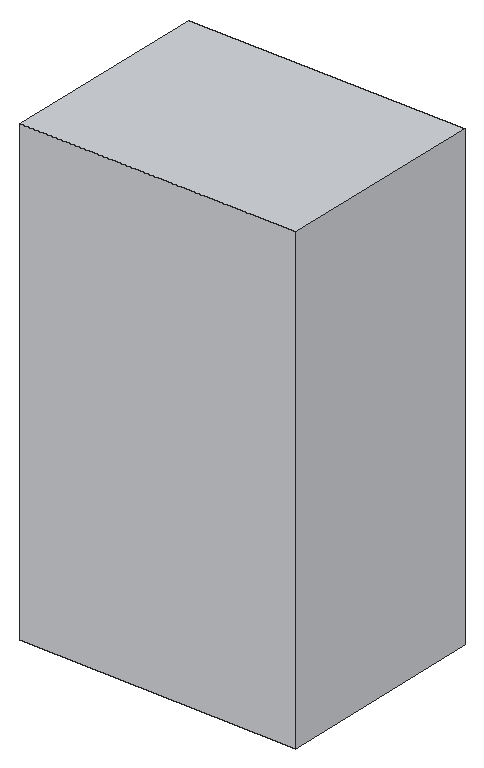
Revit family
Parameters
  Warranty Duration (Years) = 0
  Unit Width [instance] = 1' - 8 177/256"
  Unit Height [instance] = 0' - 9 99/256"
  Unit Depth = 0' - 0"
  URL = "http://www.americanspecialties.com/viewCategories.cfm"
  Trim Material = Metal - Stainless Steel
  Test Data = ""
  Specification = "http://www.arcat.com/sdspecs/htm/10810asi.htm"
  SpecWizard = ""
  Send Message = "http://www.arcat.com/users.pl?action=UserEmail&company=American%20Specialties,%20Inc.&coid=30448&rep=139&fax=914-476-0688&mf="
  Sales Information = "http://www.americanspecialties.com/contact"
  Revision = "R1_10-2010"
  Product Properties = "http://www.americanspecialties.com/datasheets/20364.pdf"
  Product Data = "http://www.arcat.com/arcatcos/cos30/arc30448.html"
  Model = "As Specified in 10 28 13"
  Manufacturer Website = "http://www.americanspecialties.com/viewCategories.cfm"
  Manufacturer Phone - Toll Free = ""
  Manufacturer Phone = "914-476-9000 "
  Manufacturer Fax = "914-476-0688"
  Manufacturer Address = "441 Saw Mill River Rd., Yonkers, NY 10701"
  Manufacturer = "American Specialties, Inc."
  Maintenance Schedule (Months) = 0
  Keynote = "10 28 13"
  Installation-Fabrication = "http://www.americanspecialties.com/products.cfm"
  Green Building-LEED = ""
  Expected Lifespan (Years) = 0
  Drawn By = "Robert S. Weygant. CSI, CDT, SCIP"  # constant formula
  Description = "Toilet Accessory as Specified in 10 28 13"
  Default Elevation = 4' - 0"
  Copyright = "©Arcat Inc."
  Construction Details = "http://www.arcat.com/green/clients/leed_data_30448.html"
  Building Codes = "http://www.americanspecialties.com/products.cfm"
  Body Material = Metal - Stainless Steel
  Assembly Code = "C1030210"
Reference planes
  plane 1 "Center (Front/Back)": y = -7.394
  plane 2 "Floor Line": z = 0
  plane 3 "Center (Left/Right)": x = -16.724
Forms (mm)
  Extrusion 1, solid
    sketch origin (-76.2, -228.6, -152.4) x (0, 0, -1) y (1, 0, 0)
      loop
        line (-2082.8, 660.4) -> (-2082.8, -491.417) -> (-152.4, -491.417) -> (-152.4, 660.4) -> (-2082.8, 660.4)
    from 228.6 to -650.423
  Sweep 2, solid, material "Metal - Stainless Steel" <- "Body Material"
    path origin (0, 0, 0) x (1, 0, 0) y (0, 1, 0)
      loop
        line (-86.574, 268.831) -> (-86.574, -7.394) -> (53.126, -7.394) -> (53.126, 268.831) -> (-86.574, 268.831)
    profile origin (-16.724, 268.831, 0) x (0, 1, 0) y (0, 0, 1)
      loop
        line (0, 0) -> (0, 12.7) -> (-0.86, 12.7)
        arc (-0.86, 12.7) -> (-1.772, 13.078) -> (-2.15, 13.99) r 1.29
        line (-2.15, 13.99) -> (-2.15, 98.279)
        arc (-2.15, 98.279) -> (-3.123, 100.627) -> (-5.471, 101.6) r 3.321
        line (-5.471, 101.6) -> (-13.97, 101.6) -> (-13.97, 0) -> (0, 0)
  Extrusion 3, solid, material "Metal - Stainless Steel" <- "Body Material"
    sketch origin (0, 0, 0) x (1, 0, 0) y (0, 1, 0)
      loop
        line (-72.604, 254.861) -> (-72.604, 6.576) -> (39.156, 6.576) -> (39.156, 254.861) -> (-72.604, 254.861)
    from 0 to 101.6
  Extrusion 4, void
    sketch origin (0, 0, 0) x (1, 0, 0) y (0, 1, 0)
      loop
        line (-107.669, 129.377) -> (-107.669, -7.394) -> (70.131, -7.394) -> (70.131, 129.377) -> (-107.669, 129.377)
    from 73.025 to 114.508
  Extrusion 5, solid, material "Metal - Stainless Steel" <- "Body Material"
    sketch origin (-0.018, 4.096, -6.7) x (1, 0, 0) y (0, 0.99863, 0.052336)
      loop
        arc (-42.441, 0.65) -> (-40.452, -3.583) -> (-36.104, -5.306) r 6.35
        line (-36.104, -5.306) -> (2.691, -5.306)
        arc (2.691, -5.306) -> (7.039, -3.583) -> (9.029, 0.65) r 6.35
        line (9.029, 0.65) -> (14.59, 89.991)
        arc (14.59, 89.991) -> (29.435, 109.739) -> (49.183, 124.584) r 88.023
        arc (49.183, 124.584) -> (50.644, 127.466) -> (50.986, 130.679) r 8.948
        line (50.986, 130.679) -> (-84.399, 130.679)
        arc (-84.399, 130.679) -> (-84.057, 127.466) -> (-82.596, 124.584) r 8.948
        arc (-82.596, 124.584) -> (-62.847, 109.739) -> (-48.002, 89.991) r 88.023
        line (-48.002, 89.991) -> (-42.441, 0.65)
    from 73.025 to 101.6
  Sweep 6, void
    path origin (-0.018, -1.221, 94.761) x (1, 0, 0) y (0, 0.99863, 0.052336)
      loop
        arc (-84.399, 130.679) -> (-84.057, 127.466) -> (-82.596, 124.584) r 8.948
        arc (-82.596, 124.584) -> (-62.847, 109.739) -> (-48.002, 89.991) r 88.023
        line (-48.002, 89.991) -> (-42.441, 0.65)
        arc (-42.441, 0.65) -> (-40.452, -3.583) -> (-36.104, -5.306) r 6.35
        line (-36.104, -5.306) -> (2.691, -5.306)
        arc (2.691, -5.306) -> (7.039, -3.583) -> (9.029, 0.65) r 6.35
        line (9.029, 0.65) -> (14.59, 89.991)
        arc (14.59, 89.991) -> (29.435, 109.739) -> (49.183, 124.584) r 88.023
        arc (49.183, 124.584) -> (50.644, 127.466) -> (50.986, 130.679) r 8.948
    profile origin (-16.724, -6.52, 94.483) x (0, 0.99863, 0.052336) y (0, -0.052336, 0.99863)
      loop
        line (0, 0) -> (0, -3.321)
        arc (0, -3.321) -> (0.973, -0.973) -> (3.321, 0) r 3.321
        line (3.321, 0) -> (0, 0)
  Extrusion 7, solid
    sketch origin (-84.424, 266.681, 98.279) x (1, 0, 0) y (0, 0, -1)
      loop
        circle (67.764, 49.757) r 7.938
    from 0 to 3.175
Cuts and joins
  Extrusion 4 cuts Sweep 2
  Extrusion 4 cuts Extrusion 3
  joined: Sweep 2, Extrusion 3
  Sweep 6 cuts Extrusion 5
Dimensions and locks
  aligned and locked: Extrusion 1 to level
